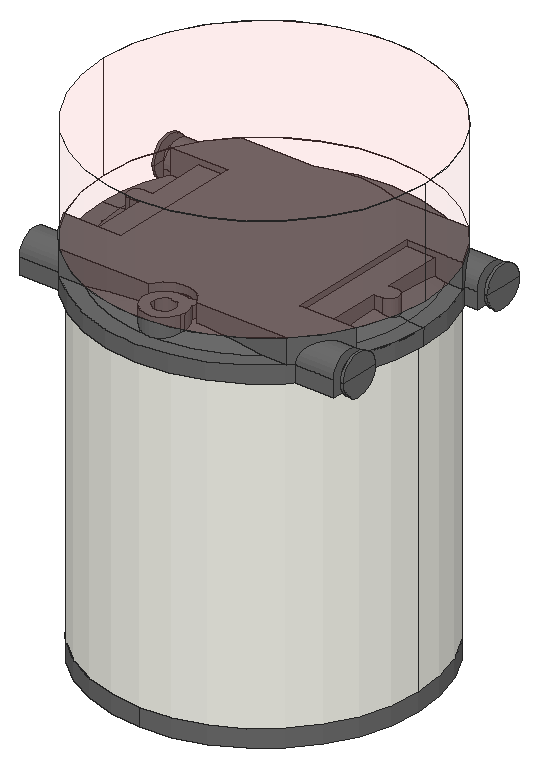
Revit family (continued)
Definition of nested family "Cooling_Plant_Accessories-Calmac-IceBank-Lid_C-75"
  Dimensions and locks (in)
    aligned and locked: Masking region 2 sketch curve to plane 43 "Connector Channel Top"
    aligned and locked: plane 22 "Front Inset" to Masking region 2 sketch curve
    aligned and locked: plane 14 "Front" to Masking region 2 sketch curve
    aligned and locked: curve 125 to cut or joined group of Revolve 1, Extrusion 2, Extrusion 4
    aligned and locked: curve 126 to cut or joined group of Revolve 1, Extrusion 2, Extrusion 4
    aligned and locked: curve 127 to cut or joined group of Revolve 1, Extrusion 2, Extrusion 4
    aligned and locked: curve 128 to cut or joined group of Revolve 1, Extrusion 2, Extrusion 4
    aligned and locked: curve 129 to cut or joined group of Revolve 1, Extrusion 2, Extrusion 4
    aligned and locked: curve 130 to Extrusion 5
    aligned and locked: curve 131 to Extrusion 5
    aligned and locked: curve 132 to Extrusion 5
    aligned and locked: curve 133 to Extrusion 5
    aligned and locked: curve 134 to Extrusion 5
    aligned and locked: curve 135 to Extrusion 5
    aligned and locked: curve 136 to Extrusion 5
    aligned and locked: curve 137 to Extrusion 5
    aligned and locked: curve 138 to cut or joined group of Revolve 1, Extrusion 2, Extrusion 4
    aligned and locked: curve 139 to cut or joined group of Revolve 1, Extrusion 2, Extrusion 4
    aligned and locked: curve 140 to curve 138
    aligned and locked: curve 141 to curve 139
    aligned and locked: curve 142 to curve 128
    aligned and locked: curve 143 to curve 127
    aligned and locked: curve 144 to cut or joined group of Revolve 1, Extrusion 2, Extrusion 4
    aligned and locked: curve 145 to cut or joined group of Revolve 1, Extrusion 2, Extrusion 4
    aligned and locked: curve 146 to cut or joined group of Revolve 1, Extrusion 2, Extrusion 4
    aligned and locked: curve 147 to cut or joined group of Revolve 1, Extrusion 2, Extrusion 4
    aligned and locked: curve 148 to cut or joined group of Revolve 1, Extrusion 2, Extrusion 4
    aligned and locked: curve 149 to cut or joined group of Revolve 1, Extrusion 2, Extrusion 4
    aligned and locked: curve 150 to cut or joined group of Revolve 1, Extrusion 2, Extrusion 4
    aligned and locked: cut or joined group of Revolve 1, Extrusion 2, Extrusion 4 to curve 151
    aligned and locked: curve 152 to cut or joined group of Revolve 1, Extrusion 2, Extrusion 4
    aligned and locked: curve 153 to cut or joined group of Revolve 1, Extrusion 2, Extrusion 4
    aligned and locked: curve 154 to cut or joined group of Revolve 1, Extrusion 2, Extrusion 4
    aligned and locked: curve 155 to cut or joined group of Revolve 1, Extrusion 2, Extrusion 4
    aligned and locked: curve 156 to cut or joined group of Revolve 1, Extrusion 2, Extrusion 4
    aligned and locked: curve 157 to cut or joined group of Revolve 1, Extrusion 2, Extrusion 4
    aligned and locked: curve 158 to cut or joined group of Revolve 1, Extrusion 2, Extrusion 4
    aligned and locked: cut or joined group of Revolve 1, Extrusion 2, Extrusion 4 to curve 159
    aligned and locked: curve 160 to cut or joined group of Revolve 1, Extrusion 2, Extrusion 4
    aligned and locked: curve 161 to cut or joined group of Revolve 1, Extrusion 2, Extrusion 4
    aligned and locked: curve 162 to cut or joined group of Revolve 1, Extrusion 2, Extrusion 4
    aligned and locked: cut or joined group of Revolve 1, Extrusion 2, Extrusion 4 to curve 163
    aligned and locked: curve 164 to cut or joined group of Revolve 1, Extrusion 2, Extrusion 4
    aligned and locked: cut or joined group of Revolve 1, Extrusion 2, Extrusion 4 to curve 165
    aligned and locked: curve 166 to cut or joined group of Revolve 1, Extrusion 2, Extrusion 4
    aligned and locked: cut or joined group of Revolve 1, Extrusion 2, Extrusion 4 to curve 167
    aligned and locked: curve 168 to cut or joined group of Revolve 1, Extrusion 2, Extrusion 4
    aligned and locked: curve 169 to cut or joined group of Revolve 1, Extrusion 2, Extrusion 4
    aligned and locked: curve 170 to cut or joined group of Revolve 1, Extrusion 2, Extrusion 4
    aligned and locked: curve 171 to cut or joined group of Revolve 1, Extrusion 2, Extrusion 4
    aligned and locked: curve 172 to cut or joined group of Revolve 1, Extrusion 2, Extrusion 4
    aligned and locked: curve 173 to cut or joined group of Revolve 1, Extrusion 2, Extrusion 4
    aligned and locked: curve 174 to cut or joined group of Revolve 1, Extrusion 2, Extrusion 4
    aligned and locked: curve 175 to cut or joined group of Revolve 1, Extrusion 2, Extrusion 4
    aligned and locked: cut or joined group of Revolve 1, Extrusion 2, Extrusion 4 to curve 176
    aligned and locked: cut or joined group of Revolve 1, Extrusion 2, Extrusion 4 to curve 177
    aligned and locked: cut or joined group of Revolve 1, Extrusion 2, Extrusion 4 to curve 178
    aligned and locked: cut or joined group of Revolve 1, Extrusion 2, Extrusion 4 to curve 179
    aligned and locked: cut or joined group of Revolve 1, Extrusion 2, Extrusion 4 to curve 180
    aligned and locked: cut or joined group of Revolve 1, Extrusion 2, Extrusion 4 to curve 181
    aligned and locked: cut or joined group of Revolve 1, Extrusion 2, Extrusion 4 to curve 182
    aligned and locked: cut or joined group of Revolve 1, Extrusion 2, Extrusion 4 to curve 183
    aligned and locked: Masking region 3 sketch curve to curve 140  (x2)
    aligned and locked: Masking region 3 sketch curve to curve 141
    aligned and locked: nested 1 to plane 6 "Back Connector Center"
    aligned: nested 1 to plane 45 "Connection Sleeve Right"
    aligned and locked: plane 16 "Fron Connector Center" to nested 2
    aligned: nested 2 to plane 45 "Connection Sleeve Right"
    aligned: nested 3 to plane 44 "Connection Sleeve Left"
    aligned and locked: nested 3 to plane 16 "Fron Connector Center"
    aligned: nested 4 to plane 44 "Connection Sleeve Left"
    aligned and locked: plane 6 "Back Connector Center" to nested 4
    aligned: plane 42 "Connector Center(Elevation)" to nested 4
    aligned: plane 42 "Connector Center(Elevation)" to nested 3
    aligned: plane 42 "Connector Center(Elevation)" to nested 1
    aligned: plane 42 "Connector Center(Elevation)" to nested 2
    aligned and locked: plane 34 "Right" to curve 184
    aligned and locked: plane 26 "Left" to curve 184
    aligned and locked: plane 1 "Center (Front/Back)" to curve 184
    aligned and locked: curve 163 to plane 41 "Top"
    aligned and locked: plane 4 "Back" to curve 185
    aligned and locked: plane 14 "Front" to curve 185
    aligned and locked: plane 3 "Center (Left/Right)" to curve 185
    aligned and locked: plane 41 "Top" to curve 183
    aligned and locked: plane 41 "Top" to curve 186
    aligned and locked: curve 186 to plane 3 "Center (Left/Right)"
    aligned and locked: plane 2 "Bottom" to curve 186
    aligned and locked: plane 1 "Center (Front/Back)" to curve 186
    aligned and locked: Masking region 3 sketch curve to plane 5 "Back Connector Back"
    aligned and locked: plane 45 "Connection Sleeve Right" to Masking region 3 sketch curve
    aligned and locked: Masking region 3 sketch curve to plane 45 "Connection Sleeve Right"
    aligned and locked: Extrusion 3 to Masking region 3 sketch curve
    aligned and locked: Masking region 3 sketch curve to plane 15 "Front Connection Front"  (x2)
    aligned and locked: plane 44 "Connection Sleeve Left" to Masking region 3 sketch curve
    aligned and locked: Masking region 3 sketch curve to plane 44 "Connection Sleeve Left"
    aligned and locked: plane 5 "Back Connector Back" to Masking region 3 sketch curve
    aligned: plane 3 "Center (Left/Right)" to nested 5
    aligned and locked: plane 1 "Center (Front/Back)" to nested 5
    aligned: plane 58 "T.O. Clearance Box" to nested 5  (x2)
    aligned: plane 41 "Top" to nested 5
    aligned and locked: nested 2 to plane 59 "Right Connector Face"
    aligned and locked: nested 1 to plane 59 "Right Connector Face"
    aligned and locked: nested 3 to plane 60 "Left Connector Face"
    aligned and locked: nested 4 to plane 60 "Left Connector Face"
    aligned and locked: plane 62 "Sleeve Right" to Extrusion 3
    aligned and locked: plane 61 "Sleeve Left" to Extrusion 3
    aligned and locked: Masking region 3 sketch curve to plane 61 "Sleeve Left"
    aligned and locked: plane 7 "Back Connector Front" to Masking region 3 sketch curve
    aligned and locked: Masking region 3 sketch curve to plane 17 "Front Connector Back"  (x2)
    aligned and locked: plane 61 "Sleeve Left" to Masking region 3 sketch curve
    aligned and locked: plane 62 "Sleeve Right" to Masking region 3 sketch curve
    aligned and locked: Masking region 3 sketch curve to plane 62 "Sleeve Right"
    aligned and locked: Masking region 3 sketch curve to plane 7 "Back Connector Front"
    aligned and locked: plane 42 "Connector Center(Elevation)" to curve 103
    aligned and locked: plane 54 "Right Tunnel Ref" to curve 104
    aligned and locked: curve 105 to plane 55 "Left Tunnel Ref"
    aligned and locked: plane 45 "Connection Sleeve Right" to curve 114
    aligned and locked: plane 41 "Top" to curve 176
    aligned and locked: plane 42 "Connector Center(Elevation)" to curve 176
    aligned and locked: plane 42 "Connector Center(Elevation)" to curve 158
    aligned and locked: plane 41 "Top" to curve 182
    aligned and locked: plane 42 "Connector Center(Elevation)" to curve 177
    aligned and locked: plane 41 "Top" to curve 177
    aligned and locked: plane 41 "Top" to curve 178
    aligned and locked: plane 42 "Connector Center(Elevation)" to curve 178
    aligned and locked: plane 42 "Connector Center(Elevation)" to curve 144
    aligned and locked: plane 41 "Top" to curve 180
    aligned and locked: plane 41 "Top" to curve 179
    aligned and locked: plane 42 "Connector Center(Elevation)" to curve 179
    aligned and locked: plane 41 "Top" to curve 181
    aligned and locked: plane 42 "Connector Center(Elevation)" to curve 181
    aligned and locked: nested 5 to plane 41 "Top"
    aligned and locked: plane 58 "T.O. Clearance Box" to nested 5
    aligned and locked: plane 42 "Connector Center(Elevation)" to nested 1
    aligned and locked: plane 42 "Connector Center(Elevation)" to nested 2
    aligned and locked: plane 42 "Connector Center(Elevation)" to nested 4
    aligned and locked: plane 42 "Connector Center(Elevation)" to nested 3
  Automatic sketch dimensions
    Extrusion 4 sketch curve to plane 9 "Rigging Back" = 0' - 0"
    plane 40 "Top Right" to Extrusion 2 sketch curve = 0' - 4.0663"
    plane 3 "Center (Left/Right)" to Extrusion 2 sketch curve = 0' - 0.00163"
    plane 24 "Pad Eye Front Center" to Extrusion 2 sketch curve = 0' - 0.19621"
    plane 10 "Rigging Loop Back" to Extrusion 2 sketch curve = 0' - 1.54805"
    Extrusion 2 sketch curve to Extrusion 2 sketch curve = 0' - 0"  (x2)
    plane 36 "Right Rigging Loop Right" to Extrusion 2 sketch curve = 0' - 4.88399"
    plane 24 "Pad Eye Front Center" to Extrusion 5 sketch curve = 0' - 0.02333"
    plane 24 "Pad Eye Front Center" to Extrusion 5 sketch curve = 0' - 0.02277"
    Extrusion 5 sketch curve to Extrusion 5 sketch curve = 0' - 0.36824"
    Extrusion 5 sketch curve to Extrusion 5 sketch curve = 0' - 0.36835"
    Extrusion 5 sketch curve to Extrusion 5 sketch curve = 0' - 0"  (x2)
    Masking region 3 sketch curve to Masking region 3 sketch curve = 0' - 0"  (x2)
    Masking region 3 sketch curve to plane 44 "Connection Sleeve Left" = 0' - 0"
    Masking region 3 sketch curve to Masking region 3 sketch curve = 0' - 0.43383"
    curve 112 to plane 43 "Connector Channel Top" = 0' - 0"
    curve 120 to level = 0' - 0"
    curve 113 to level = 0' - 0"
    curve 117 to level = 0' - 0"
    curve 114 to level = 0' - 0"
    curve 104 to plane 41 "Top" = 0' - 0"
    curve 109 to plane 41 "Top" = 0' - 0"
    curve 108 to plane 41 "Top" = 0' - 0"
    curve 105 to plane 41 "Top" = 0' - 0"
    curve 109 to curve 112 = 0' - 0.56869"
    plane 3 "Center (Left/Right)" to curve 115 = 0' - 0"
    curve 112 to curve 108 = 0' - 0.57194"
    plane 36 "Right Rigging Loop Right" to curve 116 = 0' - 0.0067"
    plane 42 "Connector Center(Elevation)" to curve 116 = 0' - 0.04774"
    curve 111 to curve 108 = 0' - 0.56061"
    plane 41 "Top" to curve 115 = 0' - 8.77139"
    curve 50 to plane 47 "Bolt Inset Right" = 0' - 0"
    curve 49 to plane 3 "Center (Left/Right)" = 0' - 0"
    curve 125 to plane 8 "Piping Back" = 0' - 0"
    plane 19 "Rigging Front" to curve 129 = 0' - 0"
    plane 4 "Back" to curve 50 = 0' - 0"
    plane 49 "Bolt Inset Center" to curve 49 = 0' - 0"
    plane 34 "Right" to curve 68 = 0' - 0.05975"
    plane 34 "Right" to curve 71 = 0' - 0.05975"
    plane 33 "Right Connection" to curve 69 = 0' - 0.05346"
    plane 33 "Right Connection" to curve 67 = 0' - 0.05346"
    plane 52 "Right Side Chanel" to curve 71 = 0' - 0.58177"
    plane 52 "Right Side Chanel" to curve 66 = 0' - 0.58177"
    plane 52 "Right Side Chanel" to curve 66 = 0' - 0.71351"
    plane 52 "Right Side Chanel" to curve 70 = 0' - 0.71351"
    plane 52 "Right Side Chanel" to curve 74 = 0' - 0.72576"
    plane 52 "Right Side Chanel" to curve 99 = 0' - 0.72576"
    plane 52 "Right Side Chanel" to curve 69 = 0' - 0.84524"
    plane 52 "Right Side Chanel" to curve 67 = 0' - 0.84524"
    curve 72 to plane 57 "Right Tunnel Ref Center" = 0' - 0.39515"
    curve 62 to plane 57 "Right Tunnel Ref Center" = 0' - 0.35589"
    plane 35 "Lid Inset Right" to curve 99 = 0' - 0.20973"
    plane 35 "Lid Inset Right" to curve 74 = 0' - 0.20973"
    curve 99 to curve 60 = 0' - 0.00797"
    plane 35 "Lid Inset Right" to curve 60 = 0' - 0.4131"
    plane 35 "Lid Inset Right" to curve 73 = 0' - 0.58321"
    curve 60 to curve 61 = 0' - 0.19232"
    plane 35 "Lid Inset Right" to curve 73 = 0' - 0.95668"
    curve 61 to plane 51 "Top Right Inset" = 0' - 0.97408"
    plane 21 "Top Front Edge" to curve 97 = 0' - 0.02024"
    plane 46 "Right Center" to curve 97 = 0' - 0.08642"
    plane 46 "Right Center" to curve 65 = 0' - 0.10857"
    plane 8 "Piping Back" to curve 64 = 0' - 0.58462"
    plane 46 "Right Center" to curve 64 = 0' - 1.33334"
    plane 18 "Piping Front" to curve 97 = 0' - 0.54429"
    plane 46 "Right Center" to curve 97 = 0' - 1.33764"
    plane 46 "Right Center" to curve 63 = 0' - 1.63906"
    curve 98 to plane 24 "Pad Eye Front Center" = 0' - 0.7003"
    plane 46 "Right Center" to curve 98 = 0' - 1.64225"
    curve 96 to plane 23 "Pad Eye Hole" = 0' - 0.03387"
    curve 96 to curve 96 = 0' - 0.77791"
    curve 64 to curve 64 = 0' - 0.79088"
    plane 21 "Top Front Edge" to curve 98 = 0' - 0 5/16"
    curve 64 to plane 39 "Right Rigging Left" = 0' - 0.70964"
    curve 93 to plane 22 "Front Inset" = 0' - 1.49486"
    curve 93 to plane 40 "Top Right" = 0' - 3.68687"
    plane 49 "Bolt Inset Center" to curve 53 = 0' - 0.44475"
    curve 53 to plane 40 "Top Right" = 0' - 3.66499"
    plane 22 "Front Inset" to curve 93 = 0' - 0.38295"
    curve 93 to curve 93 = 0' - 0.66239"
    plane 12 "Back Inset" to curve 53 = 0' - 0.51617"
    curve 53 to curve 53 = 0' - 0.66892"
    plane 22 "Front Inset" to curve 94 = 0' - 0.0503"
    curve 93 to curve 94 = 0' - 0.94305"
    plane 12 "Back Inset" to curve 52 = 0' - 0.18178"
    curve 53 to curve 52 = 0' - 0.94262"
    curve 95 to plane 40 "Top Right" = 0' - 1 205/256"
    curve 51 to plane 49 "Bolt Inset Center" = 0' - 0.21117"
    curve 51 to plane 40 "Top Right" = 0' - 1.7752"
    curve 94 to plane 22 "Front Inset" = 0' - 0.28236"
    curve 51 to plane 12 "Back Inset" = 0' - 0.1526"
    curve 165 to curve 132 = 0' - 1.92013"
    curve 126 to plane 18 "Piping Front" = 0' - 0.51914"  (x2)
    curve 164 to curve 163 = 0' - 0.30497"
    curve 173 to curve 125 = 0' - 1.35639"
    curve 55 to plane 12 "Back Inset" = 0' - 0.20247"
    curve 55 to plane 32 "Top Left" = 0' - 1.1267"
    curve 88 to plane 22 "Front Inset" = 0' - 0.28236"
    curve 88 to plane 32 "Top Left" = 0' - 1.13838"
    curve 56 to plane 49 "Bolt Inset Center" = 0' - 0.27827"
    curve 56 to plane 32 "Top Left" = 0' - 1.78316"
    curve 89 to plane 32 "Top Left" = 0' - 1.81788"
    plane 12 "Back Inset" to curve 55 = 0' - 0.12568"
    curve 55 to curve 55 = 0' - 0.9448"
    plane 22 "Front Inset" to curve 88 = 0' - 0.0503"
    curve 88 to curve 88 = 0' - 0.94305"
    plane 12 "Back Inset" to curve 54 = 0' - 0.45384"
    plane 22 "Front Inset" to curve 87 = 0' - 0.38295"
    plane 49 "Bolt Inset Center" to curve 54 = 0' - 0.39092"
    curve 54 to curve 54 = 0' - 0.65198"
    curve 87 to plane 22 "Front Inset" = 0' - 1.54109"
    curve 89 to curve 87 = 0' - 1.8853"
    curve 59 to plane 31 "Left Rigging Right" = 0' - 0.73306"
    plane 21 "Top Front Edge" to curve 85 = 0' - 0 5/16"
    curve 85 to plane 31 "Left Rigging Right" = 0' - 0.73601"
    curve 85 to plane 23 "Pad Eye Hole" = 0' - 0.03387"
    curve 85 to curve 85 = 0' - 0.77791"
    curve 58 to curve 58 = 0' - 0.80477"  (x2)
    curve 59 to plane 31 "Left Rigging Right" = 0' - 1.92107"
    curve 86 to plane 24 "Pad Eye Front Center" = 0' - 0.7403"
    curve 86 to plane 31 "Left Rigging Right" = 0' - 2 5/256"
    plane 18 "Piping Front" to curve 85 = 0' - 0.54429"
    plane 8 "Piping Back" to curve 58 = 0' - 0.67433"
    curve 58 to curve 57 = 0' - 1.17992"
    curve 84 to plane 21 "Top Front Edge" = 0' - 0.0179"
    curve 86 to curve 84 = 0' - 1.55432"
    plane 27 "Left Lip Inset" to curve 76 = 0' - 0.96143"
    curve 101 to plane 19 "Rigging Front" = 0' - 0.45769"
    plane 27 "Left Lip Inset" to curve 101 = 0' - 0.96143"
    curve 100 to curve 161 = 0' - 0.21853"
    plane 27 "Left Lip Inset" to curve 101 = 0' - 0.58796"
    plane 27 "Left Lip Inset" to curve 76 = 0' - 0.58796"
    plane 27 "Left Lip Inset" to curve 102 = 0' - 0.21448"
    plane 27 "Left Lip Inset" to curve 76 = 0' - 0.21448"
    curve 75 to plane 56 "Left Tunnel Ref Center" = 0' - 0.3904"
    curve 100 to plane 19 "Rigging Front" = 0' - 0.01575"
    curve 100 to plane 56 "Left Tunnel Ref Center" = 0' - 0.3904"
    plane 53 "Left Side Channel" to curve 83 = 0' - 0.84999"
    plane 53 "Left Side Channel" to curve 79 = 0' - 0.84999"
    plane 53 "Left Side Channel" to curve 77 = 0' - 0.73051"
    plane 53 "Left Side Channel" to curve 102 = 0' - 0.73051"
    plane 53 "Left Side Channel" to curve 79 = 0' - 0.71826"
    plane 53 "Left Side Channel" to curve 82 = 0' - 0.71826"
    plane 53 "Left Side Channel" to curve 80 = 0' - 0.58652"
    plane 53 "Left Side Channel" to curve 82 = 0' - 0.58652"
    plane 25 "Left Connection" to curve 78 = 0' - 0.05821"
    plane 25 "Left Connection" to curve 83 = 0' - 0.05821"
    plane 26 "Left" to curve 80 = 0' - 0.0645"
    plane 26 "Left" to curve 81 = 0' - 0.0645"
    plane 4 "Back" to curve 48 = 0' - 0.01364"
    curve 59 to curve 57 = 0' - 2.79764"
    curve 63 to curve 64 = 0' - 2.87284"
    curve 57 to curve 58 = 0' - 1.59891"
    curve 65 to curve 65 = 0' - 1.58211"
    plane 8 "Piping Back" to curve 58 = 0' - 1.86209"
    plane 8 "Piping Back" to curve 64 = 0' - 1.80912"
    curve 72 to plane 9 "Rigging Back" = 0' - 0.53489"
    curve 75 to plane 9 "Rigging Back" = 0' - 0.53489"
    curve 72 to plane 9 "Rigging Back" = 0' - 1.27856"
    curve 75 to plane 9 "Rigging Back" = 0' - 1.27856"
    curve 72 to curve 73 = 0' - 0.92764"
    curve 75 to curve 76 = 0' - 0.92764"
    curve 77 to curve 76 = 0' - 0.74367"
    curve 74 to curve 73 = 0' - 0.74367"
    plane 10 "Rigging Loop Back" to curve 69 = 0' - 3.7979"
    plane 10 "Rigging Loop Back" to curve 78 = 0' - 3.7979"
    curve 69 to curve 69 = 0' - 0.26232"
    curve 78 to curve 79 = 0' - 0.26232"
    curve 69 to curve 70 = 0' - 0.99128"
    curve 78 to curve 79 = 0' - 0.99128"
    plane 10 "Rigging Loop Back" to curve 71 = 0' - 1.81533"
    plane 10 "Rigging Loop Back" to curve 80 = 0' - 1.81533"
    plane 20 "Rigging Loop Front" to curve 68 = 0' - 1.55302"
    plane 20 "Rigging Loop Front" to curve 82 = 0' - 1.55302"
    plane 20 "Rigging Loop Front" to curve 81 = 0' - 1.81533"
    plane 20 "Rigging Loop Front" to curve 68 = 0' - 1.81533"
    curve 66 to curve 66 = 0' - 0.99128"
    curve 81 to curve 82 = 0' - 0.99128"
    curve 66 to curve 67 = 0' - 0.26232"
    curve 83 to curve 83 = 0' - 0.26232"
    curve 99 to plane 19 "Rigging Front" = 0' - 3.13384"
    curve 99 to curve 61 = 0' - 0.01104"
    curve 60 to curve 60 = 0' - 0.69763"
    curve 99 to curve 99 = 0' - 0.74367"
    curve 102 to curve 100 = 0' - 1.85528"
    curve 60 to curve 61 = 0' - 0.22433"
    curve 102 to plane 19 "Rigging Front" = 0' - 1.87103"
    curve 62 to plane 19 "Rigging Front" = 0' - 0.50327"
    plane 14 "Front" to curve 92 = 0' - 1.8675"
    plane 14 "Front" to curve 95 = 0' - 1.65483"
    plane 14 "Front" to curve 89 = 0' - 1.60633"
    curve 90 to plane 14 "Front" = 0' - 0.12249"
    curve 92 to plane 14 "Front" = 0' - 0.12494"
    curve 183 to plane 18 "Piping Front" = 0' - 0"
    curve 182 to plane 42 "Connector Center(Elevation)" = 0' - 0"
    curve 183 to plane 42 "Connector Center(Elevation)" = 0' - 0"
    curve 182 to plane 12 "Back Inset" = 0' - 6.98603"
    curve 177 to plane 18 "Piping Front" = 0' - 0"
    curve 176 to plane 8 "Piping Back" = 0' - 0"
    curve 180 to plane 9 "Rigging Back" = 0' - 0"
    curve 180 to plane 42 "Connector Center(Elevation)" = 0' - 0"
    plane 16 "Fron Connector Center" to curve 181 = 0' - 5 1/4"
    curve 179 to plane 19 "Rigging Front" = 0' - 0"
    curve 178 to plane 9 "Rigging Back" = 0' - 0"
    curve 20 to curve 26 = 0' - 0"  (x2)
    curve 20 to curve 30 = 0' - 0"  (x2)
    curve 20 to curve 33 = 0' - 0"  (x2)
    curve 20 to curve 34 = 0' - 0"  (x2)
    curve 20 to curve 44 = 0' - 0"  (x2)
    curve 20 to curve 45 = 0' - 0"  (x2)
    curve 20 to curve 46 = 0' - 0"  (x2)
    curve 20 to curve 47 = 0' - 0"  (x2)
    curve 20 to curve 140 = 0' - 0"  (x2)
    curve 20 to curve 142 = 0' - 0"  (x2)
    curve 20 to curve 143 = 0' - 0"
    curve 20 to curve 146 = 0' - 0"  (x2)
    curve 20 to curve 150 = 0' - 0"  (x2)
    curve 20 to curve 154 = 0' - 0"  (x2)
    curve 20 to curve 158 = 0' - 0"  (x2)
    curve 26 to plane 57 "Right Tunnel Ref Center" = 0' - 0"
    curve 29 to plane 57 "Right Tunnel Ref Center" = 0' - 0"
    curve 153 to plane 45 "Connection Sleeve Right" = 0' - 0"
    plane 1 "Center (Front/Back)" to curve 37 = 0' - 0"
    plane 20 "Rigging Loop Front" to curve 37 = 0' - 0"
    curve 155 to plane 8 "Piping Back" = 0' - 0"
    curve 155 to plane 38 "Right Rigging Loop Left" = 0' - 0"
    curve 36 to plane 38 "Right Rigging Loop Left" = 0' - 0"
    curve 32 to plane 38 "Right Rigging Loop Left" = 0' - 0"
    plane 18 "Piping Front" to curve 149 = 0' - 0"
    plane 18 "Piping Front" to curve 150 = 0' - 0"
    curve 154 to plane 8 "Piping Back" = 0' - 0"
    curve 151 to plane 39 "Right Rigging Left" = 0' - 0"
    curve 156 to plane 40 "Top Right" = 0' - 0"
    curve 156 to plane 3 "Center (Left/Right)" = 0' - 0"
    plane 18 "Piping Front" to curve 148 = 0' - 0"
    curve 19 to plane 8 "Piping Back" = 0' - 0"
    curve 22 to plane 31 "Left Rigging Right" = 0' - 0"
    curve 19 to plane 55 "Left Tunnel Ref" = 0' - 0"
    curve 158 to plane 8 "Piping Back" = 0' - 0"
    curve 147 to plane 55 "Left Tunnel Ref" = 0' - 0"
    curve 39 to plane 10 "Rigging Loop Back" = 0' - 0"
    curve 39 to plane 30 "Left Rigging Loop Right" = 0' - 0"
    curve 43 to plane 30 "Left Rigging Loop Right" = 0' - 0"
    plane 1 "Center (Front/Back)" to curve 41 = 0' - 0"
    plane 35 "Lid Inset Right" to curve 143 = 0' - 0.00039"
    curve 47 to plane 37 "Right Rigging Loop Inset" = 0' - 1.48966"
    curve 37 to plane 37 "Right Rigging Loop Inset" = 0' - 1.25367"
    plane 38 "Right Rigging Loop Left" to curve 149 = 0' - 0.01509"
    curve 34 to plane 39 "Right Rigging Left" = 0' - 1.24396"
    plane 40 "Top Right" to curve 148 = 0' - 4.0663"
    plane 3 "Center (Left/Right)" to curve 148 = 0' - 0.00163"
    curve 44 to plane 31 "Left Rigging Right" = 0' - 1.24396"
    plane 55 "Left Tunnel Ref" to curve 157 = 0' - 0.41423"
    curve 41 to plane 29 "Left Rigging Loop Inset" = 0' - 1.24992"
    curve 46 to plane 29 "Left Rigging Loop Inset" = 0' - 1.49441"
    plane 27 "Left Lip Inset" to curve 159 = 0' - 0.17459"
    plane 27 "Left Lip Inset" to curve 142 = 0' - 0.00039"
    plane 10 "Rigging Loop Back" to curve 156 = 0' - 1.54805"
    curve 142 to plane 1 "Center (Front/Back)" = 0' - 0.161"
    plane 24 "Pad Eye Front Center" to curve 148 = 0' - 0.19621"
    curve 6 to plane 20 "Rigging Loop Front" = 0' - 0"
    curve 5 to plane 12 "Back Inset" = 0' - 0"
    level to curve 16 = 0' - 0"
    level to curve 2 = 0' - 0"
    level to curve 15 = 0' - 0"
    level to curve 3 = 0' - 0"
    curve 7 to plane 41 "Top" = 0' - 0"
    curve 4 to plane 41 "Top" = 0' - 0"
    curve 12 to plane 41 "Top" = 0' - 0"
    curve 17 to plane 41 "Top" = 0' - 0"
    plane 22 "Front Inset" to curve 18 = 0' - 0.00227"
    curve 10 to curve 9 = 0' - 0.5091"
    curve 8 to curve 8 = 0' - 1.24396"
    curve 124 to plane 8 "Piping Back" = 0' - 0"
    curve 122 to plane 43 "Connector Channel Top" = 0' - 0"
    curve 123 to plane 1 "Center (Front/Back)" = 0' - 0.00127"
    plane 10 "Rigging Loop Back" to curve 123 = 0' - 0.00253"
    curve 124 to plane 8 "Piping Back" = 0' - 1.95677"
    curve 124 to plane 42 "Connector Center(Elevation)" = 0' - 1.1899"
    curve 124 to plane 42 "Connector Center(Elevation)" = 0' - 1.13321"
    curve 122 to plane 42 "Connector Center(Elevation)" = 0' - 0.88175"
    curve 123 to plane 41 "Top" = 0' - 0.04924"
  Nested families (in)
    nested 1: "Cooling_Plant_Accessories-Calmac-Icebank-4-Inch Flanged Connection" at (35.83203, 20.5, 3.75), Pipe Material <- "Pipe Material", visible <- "Is Back Right Flanged Connector Visible", type "Flanged Connection"
    nested 2: "Cooling_Plant_Accessories-Calmac-Icebank-4-Inch Flanged Connection" at (35.83203, -20.5, 3.75), Pipe Material <- "Pipe Material", visible <- "Is Front Right Flanged Connector Visible", type "Flanged Connection"
    nested 3: "Cooling_Plant_Accessories-Calmac-Icebank-4-Inch Flanged Connection" at (-35.83203, -20.5, 3.75) x (-1, 0, 0) z (0, 0, 1), Pipe Material <- "Pipe Material", visible <- "Is Front Left Flanged Connector Visible", type "Flanged Connection"
    nested 4: "Cooling_Plant_Accessories-Calmac-Icebank-4-Inch Flanged Connection" at (-35.83203, 20.5, 3.75) x (-1, 0, 0) z (0, 0, 1), Pipe Material <- "Pipe Material", visible <- "Is Back Left Flanged Connector Visible", type "Flanged Connection"
    nested 5: "Cooling_Plant_Accessories-Calmac-IceBankClearance Box" at (0.26977, 0, 15.25), CTRL Radius <- "CTRL Radius", visible <- "Is Clearance Box Visible", Height <- "Clearance Box Height", type "Include Clearance"
      with Width 6' - 1 3/8", Height 2' - 0", Depth 6' - 1 3/8", CTRL Radius 3' - 0 11/16"
  Definition of nested family "Cooling_Plant_Accessories-Calmac-Icebank-4-Inch Flanged Connection"
    Parameters (values of type "4"")
      Pipe Material [instance] = none
    Reference planes (in)
      plane 1 "Center (Front/Back)": y = 0
      plane 2 "Center (Elevation)": z = 0
      plane 3 "Center (Left/Right)": x = 0
      plane 4 "Back": y = 4.5
      plane 5 "Back Face": x = 1.79297
      plane 6 "Base Back": y = 2.25
      plane 7 "Fase Back": y = 3
      plane 8 "Front": y = -4.5
      plane 9 "Base Front": y = -2.25
      plane 10 "Face Front": y = -3
      plane 11 "Face": x = 2.41797
      plane 12 "T.O. Flange": z = 4.5
      plane 13 "T.O. Pipe": z = 2.25
      plane 14 "B.O. Flange": z = -4.5
      plane 15 "B.O. Pipe": z = -2.25
    Forms (in)
      Revolve 1, solid, material <- "Pipe Material", detail levels fine
        sketch origin (0, 0, 0) x (1, 0, 0) y (0, 1, 0)
          loop
            line (0, 2.25) -> (0, 0) -> (2.41797, 0) -> (2.41797, 4.5) -> (1.79297, 4.5) -> (1.79297, 2.25) -> (0, 2.25)
          axis (0, 0) -> (2.41797, 0)
        angle from 0 to 360
    Lines and regions (in)
      Masking region 1, detail levels fine
        outline origin (0, 0, 0) x (0, 1, 0) y (0, 0, 1)
          loop
            circle (0, 0) r 4.5
      Masking region 2, detail levels fine
        outline origin (0, 0, 0) x (1, 0, 0) y (0, 0, 1)
          loop
            line (2.41797, 4.5) -> (1.79297, 4.5) -> (1.79297, 2.25) -> (0, 2.25) -> (0, -2.25) -> (1.79297, -2.25) -> (1.79297, -4.5) -> (2.41797, -4.5) -> (2.41797, 4.5)
      Masking region 3, detail levels fine
        outline origin (0, 0, 0) x (1, 0, 0) y (0, 1, 0)
          loop
            line (0, 2.25) -> (0, -2.25) -> (1.79297, -2.25) -> (1.79297, -4.5) -> (2.41797, -4.5) -> (2.41797, 4.5) -> (1.79297, 4.5) -> (1.79297, 2.25) -> (0, 2.25)
      model lines, style "Piping", detail levels medium
        curve 1: line (0, 0, 0) -> (2.41797, 0, 0)
        curve 2: arc (2.41797, -4.5, 0) -> (2.41797, 0, 4.5) -> (2.41797, 4.5, 0) r 4.5
        curve 3: arc (2.41797, 4.5, 0) -> (2.41797, 0, -4.5) -> (2.41797, -4.5, 0) r 4.5
      symbolic lines, detail levels coarse+medium
        curve 4: line (0, 0, 0) -> (2.41797, 0, 0)
        curve 5: line (0, 0, 0) -> (2.41797, 0, 0)
    Dimensions and locks (in)
      locked: plane 4 "Back" to plane 7 "Fase Back" at 1.5
      locked: plane 4 "Back" to plane 6 "Base Back" at 2.25
      locked: plane 8 "Front" to plane 10 "Face Front" at 1.5
      locked: plane 8 "Front" to plane 9 "Base Front" at 2.25
      locked: plane 1 "Center (Front/Back)" to plane 6 "Base Back" at 2.25
      locked: plane 9 "Base Front" to plane 1 "Center (Front/Back)" at 2.25
      locked: plane 3 "Center (Left/Right)" to plane 11 "Face" at 2.41797
      locked: plane 5 "Back Face" to plane 11 "Face" at 0.625
      locked: plane 2 "Center (Elevation)" to plane 14 "B.O. Flange" at 4.5
      locked: plane 2 "Center (Elevation)" to plane 15 "B.O. Pipe" at 2.25
      locked: plane 12 "T.O. Flange" to plane 2 "Center (Elevation)" at 4.5
      locked: plane 12 "T.O. Flange" to plane 13 "T.O. Pipe" at 2.25
      aligned and locked: Revolve 1 sketch curve to plane 3 "Center (Left/Right)"
      aligned and locked: Revolve 1 sketch curve to plane 5 "Back Face"
      aligned and locked: Revolve 1 sketch curve to plane 11 "Face"
      aligned and locked: Revolve 1 sketch curve to plane 1 "Center (Front/Back)"
      aligned and locked: Revolve 1 sketch curve to plane 4 "Back"
      aligned and locked: Revolve 1 sketch curve to plane 6 "Base Back"
      aligned and locked: plane 1 "Center (Front/Back)" to Revolve 1 sketch curve  (x2)
      aligned and locked: plane 3 "Center (Left/Right)" to Revolve 1 sketch curve
      aligned and locked: Masking region 1 sketch curve to Revolve 1  (x2)
      aligned and locked: Masking region 2 sketch curve to Revolve 1  (x3)
      aligned and locked: Masking region 2 sketch curve to plane 5 "Back Face"
      aligned and locked: Masking region 2 sketch curve to plane 3 "Center (Left/Right)"
      aligned and locked: Masking region 3 sketch curve to plane 3 "Center (Left/Right)"
      aligned and locked: Masking region 3 sketch curve to plane 4 "Back"
      aligned and locked: Masking region 3 sketch curve to plane 6 "Base Back"
      aligned and locked: plane 9 "Base Front" to Masking region 3 sketch curve
      aligned and locked: plane 8 "Front" to Masking region 3 sketch curve
      aligned and locked: Masking region 3 sketch curve to plane 11 "Face"
      aligned and locked: Masking region 3 sketch curve to plane 5 "Back Face"  (x2)
      aligned and locked: plane 1 "Center (Front/Back)" to curve 1
      aligned and locked: plane 3 "Center (Left/Right)" to curve 1
      aligned and locked: curve 2 to Revolve 1
      aligned and locked: curve 3 to Revolve 1
      aligned and locked: plane 11 "Face" to curve 1
      aligned and locked: plane 11 "Face" to curve 4
      aligned and locked: plane 3 "Center (Left/Right)" to curve 4
      aligned and locked: plane 1 "Center (Front/Back)" to curve 4
      aligned and locked: plane 11 "Face" to curve 5
      aligned and locked: plane 3 "Center (Left/Right)" to curve 5
      aligned and locked: curve 5 to plane 2 "Center (Elevation)"
      aligned and locked: Masking region 2 to plane 12 "T.O. Flange"
      aligned and locked: plane 13 "T.O. Pipe" to Masking region 2
      aligned and locked: plane 2 "Center (Elevation)" to curve 1
      aligned and locked: plane 15 "B.O. Pipe" to Masking region 2
      aligned and locked: Masking region 2 to plane 14 "B.O. Flange"
  Definition of nested family "Cooling_Plant_Accessories-Calmac-IceBankClearance Box"
    Parameters (values of type "Include Clearance")
      Width [instance] = CTRL Radius * 2  # 7' - 5"
      Height [instance] = 3' - 0"
      Depth [instance] = Width  # 7' - 5"
      Clearance Material = Clearance
      CTRL Radius [instance] = 3' - 8 1/2"
      Assembly Code = ""
    Reference planes (in)
      plane 1 "Center (Front/Back)": y = 0
      plane 2 "Bottom": z = -6
      plane 3 "Center (Left/Right)": x = 0
      plane 4 "Top": z = 30
      plane 5 "Back": y = 44.5
      plane 6 "Left": x = -44.5
      plane 7 "Front": y = -44.5
      plane 8 "Right": x = 44.5
      plane 9 "Center (Elevation)": z = 12
    Forms (in)
      Extrusion 1, solid, material "Clearance" <- "Clearance Material"
        sketch origin (0, 0, 30) x (-1, 0, 0) y (0, -1, 0)
          loop
            circle (0, 0) r 44.5
        from -36 to 0
    Lines and regions (in)
      symbolic lines, style "Clearance"
        curve 1: line (-44.5, 0, 30) -> (44.5, 0, 30)
        curve 2: line (-44.5, 0, -6) -> (-44.5, 0, 30)
        curve 3: line (44.5, 0, -6) -> (-44.5, 0, -6)
        curve 4: line (44.5, 0, 30) -> (44.5, 0, -6)
        curve 5: line (0, -44.5, 30) -> (0, 44.5, 30)
        curve 6: line (0, -44.5, -6) -> (0, -44.5, 30)
        curve 7: line (0, 44.5, -6) -> (0, -44.5, -6)
        curve 8: line (0, 44.5, 30) -> (0, 44.5, -6)
        curve 9: circle (0, 0, 30) r 44.5 normal (0, 0, 1)
    Dimensions and locks (in)
      "Height": plane 4 "Top" to plane 2 "Bottom"
      "Depth": plane 5 "Back" to plane 7 "Front"
      "Width": plane 6 "Left" to plane 8 "Right"
      equal spacing: plane 6 "Left", plane 3 "Center (Left/Right)", plane 8 "Right"
      equal spacing: plane 5 "Back", plane 1 "Center (Front/Back)", plane 7 "Front"
      equal spacing: plane 4 "Top", plane 9 "Center (Elevation)", plane 2 "Bottom"
      "CTRL Radius": radius of Extrusion 1 sketch curve
      "CTRL Radius": radius of curve 9
      aligned: level to plane 2 "Bottom"
      aligned and locked: plane 3 "Center (Left/Right)" to Extrusion 1 sketch curve
      aligned and locked: plane 1 "Center (Front/Back)" to Extrusion 1 sketch curve
      aligned and locked: plane 3 "Center (Left/Right)" to curve 9
      aligned and locked: plane 1 "Center (Front/Back)" to curve 9
      aligned and locked: Extrusion 1 to plane 2 "Bottom"
      aligned and locked: plane 2 "Bottom" to curve 3
      aligned and locked: plane 2 "Bottom" to curve 7
      aligned and locked: plane 4 "Top" to Extrusion 1
      aligned and locked: curve 1 to plane 4 "Top"
      aligned and locked: curve 5 to plane 4 "Top"
      aligned and locked: curve 8 to plane 5 "Back"
      aligned and locked: curve 6 to plane 7 "Front"
      aligned and locked: curve 4 to plane 8 "Right"
      aligned and locked: curve 2 to plane 6 "Left"
